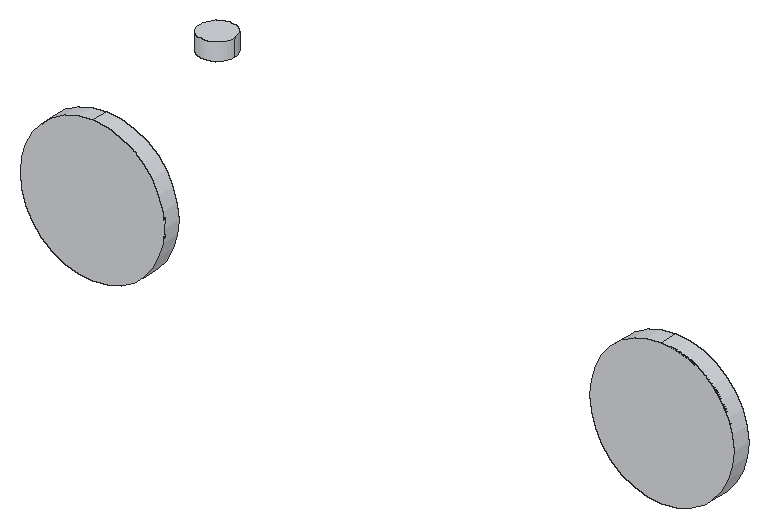
Revit family "DSX27-Touch_002_BIM", category HLS-Bauteile, Revit 2018
Family settings
  Bemaßung runder Anschluss = Durchmesser verwenden
  Klassifizierung = Keine
  Teiletyp = Normal
  OmniClass-Nummer = 23.65.35.11.14
  OmniClass-Titel = Instantaneous Water Heaters
  Arbeitsebenenbasiert = Nein
  Immer vertikal = Ja
  Beim Laden mit Abzugskörper schneiden = Nein
  Gemeinsam genutzt = Nein
  Raumberechnungspunkt = Nein
Parameters (values of type "Norm")
  Verbindung_2_Durchmesser = 0 mm
  Verbindung_1_Durchmesser = 0 mm
  URL = "https://www.clage.de/de/Produkte/E-Komfortdurchlauferhitzer/DSX_Touch"
  Modell = "DSX Touch"
  Hersteller = "Clage GmbH"
  Beschreibung = "E-Komfortdurchlauferhitzer"
Reference planes
  plane 1 "Mitte (Vorne/Hinten)": y = 0
  plane 2: z = 0
  plane 3 "Mitte (Links/Rechts)": x = 0
Forms (mm)
  Extrusion 1, solid
    sketch origin (30.229, 119.651, -176.381) x (0, 0, 1) y (1, 0, 0)
      loop
        circle (0, 0) r 12.7
    from 0 to -3.048
  Extrusion 2, solid
    sketch origin (-69.771, 119.451, -176.372) x (0, 0, 1) y (1, 0, 0)
      loop
        circle (0, 0) r 12.7
    from 0 to -3.048
  Extrusion 3, solid
    sketch origin (-19.771, 81.332, -119.781) x (0, 1, 0) y (1, 0, 0)
      loop
        circle (0, 0) r 3.048
    from 0 to -3.048
Dimensions and locks
  aligned and locked: level to plane 2
Connectors
  piping at (30.229, 119.651, -176.381), diameter 12.7
    settings: on Extrusion 1, index 1, connector inside diameter 609.6 mm, connector length 0 mm, flow factor 0, pipe flow 13.8 L/s, pressure drop 127600.0 Pa, fitting loss kfactor 0, connector angle 0.00°, fixture units 0, engagement length 0 mm, angle of deflection 0.00°, flow configuration 1, flow direction 1, fitting loss method 4, system type 20, joint type 0, gender type 0, connector reference index -1, connector utility 0, adjustable connector no, is connector primary yes, connector description ""
  piping at (-69.771, 119.451, -176.372), diameter 12.7
    settings: on Extrusion 2, index 2, connector inside diameter 609.6 mm, connector length 0 mm, flow factor 0, pipe flow 13.8 L/s, pressure drop 127600.0 Pa, fitting loss kfactor 0, connector angle 0.00°, fixture units 0, engagement length 0 mm, angle of deflection 0.00°, flow configuration 1, flow direction 2, fitting loss method 4, system type 19, joint type 0, gender type 0, connector reference index -1, connector utility 0, adjustable connector no, is connector primary no, connector description ""
  electrical at (-19.771, 81.332, -119.781)
    settings: on Extrusion 3, index 3, voltage 400 V, apparent load 0 VA, apparent load phase1 0 VA, apparent load phase2 0 VA, apparent load phase3 0 VA, power factor 0, load classification "Sonstige", number of poles 3, system type 30, power factor state 1, is connector primary yes, connector utility no, sub classification motor no, connector description ""
